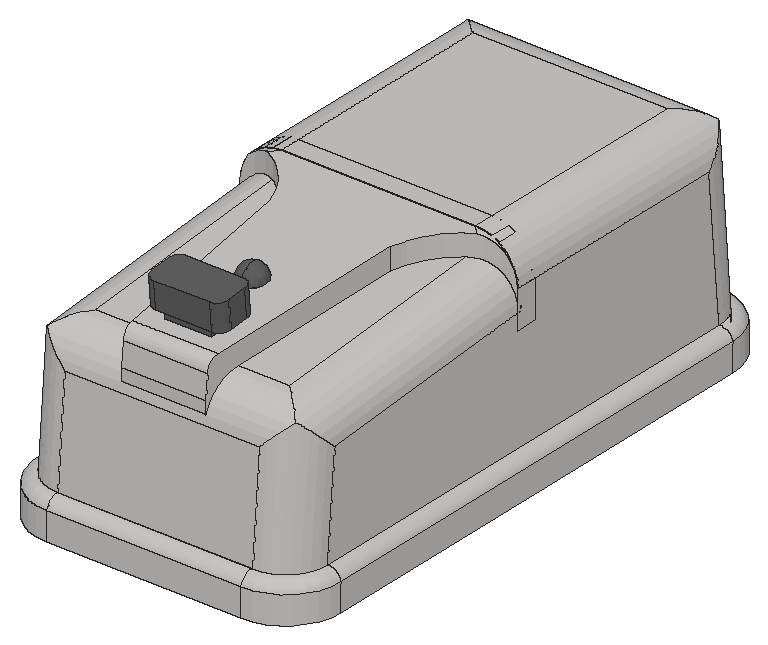
Revit family
Parameters
  offset [instance] = 0' - 0"
  Warranty Duration (Years) = 0
  Unit Width = 0' - 5 1/2"
  Unit Height = 0' - 10 13/16"
  Unit Depth = 0' - 4"
  URL = "http://www.americanspecialties.com/viewCategories.cfm"
  Specification = "http://www.arcat.com/sdspecs/htm/10810asi.htm"
  SpecWizard = ""
  Send Message = "http://www.arcat.com/users.pl?action=UserEmail&company=American%20Specialties,%20Inc.&coid=30448&rep=139&fax=914-476-0688&mf="
  Sales Information = "http://www.americanspecialties.com/contact"
  Revision = "R1_8-2011"
  Product Properties = "http://www.americanspecialties.com/datasheets/20363.pdf"
  Product Data = "http://www.arcat.com/arcatcos/cos30/arc30448.html"
  Model = "20363"
  Manufacturer Website = "http://www.americanspecialties.com/viewCategories.cfm"
  Manufacturer Phone - Toll Free = ""
  Manufacturer Phone = "914-476-9000 "
  Manufacturer Fax = "914-476-0688"
  Manufacturer Address = "441 Saw Mill River Rd., Yonkers, NY 10701"
  Manufacturer = "American Specialties, Inc."
  Maintenance Schedule (Months) = 0
  Keynote = "10 28 13"
  Installation-Fabrication = "http://www.americanspecialties.com/products.cfm"
  Installation Phase = ""
  Green Building-LEED = "http://www.arcat.com/green/clients/leed_data_30448.html"
  Expected Lifespan (Years) = 0
  Drawn By = "Sumex Design, Inc. / Robert S. Weygant, CSI, CDT, SCIP"
  Description = "ASI 20363 Roval Collection Soap Dispenser"
  Default Elevation = 4' - 0"
  Copyright = "©Arcat Inc."
  Construction Details = "http://www.americanspecialties.com/products.cfm"
  Body Material = Metal - Satin Stainless Steel
  Assembly Code = "C1030210"
  Accent Material = Plastic - Black
Reference planes (in)
  plane 1 "Center (Front/Back)": y = 0
  plane 2 "Mount Surface": z = 0
  plane 3 "Center (Left/Right)": x = 0
  plane 4 "Bottom Edge": y = -5.40625
  plane 5 "Shelf Surface": y = 5.40625
  plane 6 "Left": x = -2.75
  plane 7 "Right": x = 2.75
  plane 8 "Front": z = 4
  plane 9 "5 degree": through (0, -5.40625, 4) normal (0, -0.9962, -0.0872)
Forms (in)
  Extrusion 1, solid, material "Metal - Satin Stainless Steel" <- "Body Material"
    sketch origin (0, 0, 0) x (1, 0, 0) y (0, 1, 0)
      loop
        arc (-1.75, 5.40625) -> (-2.45711, 5.11336) -> (-2.75, 4.40625) r 1
        line (-2.75, 4.40625) -> (-2.75, -4.40625)
        arc (-2.75, -4.40625) -> (-2.45711, -5.11336) -> (-1.75, -5.40625) r 1
        line (-1.75, -5.40625) -> (1.75, -5.40625)
        arc (1.75, -5.40625) -> (2.45711, -5.11336) -> (2.75, -4.40625) r 1
        line (2.75, -4.40625) -> (2.75, 4.40625)
        arc (2.75, 4.40625) -> (2.45711, 5.11336) -> (1.75, 5.40625) r 1
        line (1.75, 5.40625) -> (-1.75, 5.40625)
    from 0 to 0.5
  Sweep 2, solid, material "Metal - Satin Stainless Steel" <- "Body Material"
    path in 3D
      loop
        arc (-1.75, 5.40625, 0.5) -> (-2.45711, 5.11336, 0.5) -> (-2.75, 4.40625, 0.5) r 1
        line (-2.75, 4.40625, 0.5) -> (-2.75, -4.40625, 0.5)
        arc (-2.75, -4.40625, 0.5) -> (-2.45711, -5.11336, 0.5) -> (-1.75, -5.40625, 0.5) r 1
        line (-1.75, -5.40625, 0.5) -> (1.75, -5.40625, 0.5)
        arc (1.75, -5.40625, 0.5) -> (2.45711, -5.11336, 0.5) -> (2.75, -4.40625, 0.5) r 1
        line (2.75, -4.40625, 0.5) -> (2.75, 4.40625, 0.5)
        arc (2.75, 4.40625, 0.5) -> (2.45711, 5.11336, 0.5) -> (1.75, 5.40625, 0.5) r 1
        line (1.75, 5.40625, 0.5) -> (-1.75, 5.40625, 0.5)
    profile origin (0, 5.40625, 0.5) x (0, -1, 0) y (0, 0, 1)
      loop
        arc (0.25, 0.1875) -> (0.09375, 0.13542) -> (0, 0) r 0.26042
        line (0, 0) -> (0.25, 0) -> (0.25, 0.1875)
  Extrusion 3, solid, material "Metal - Satin Stainless Steel" <- "Body Material"
    sketch origin (0, 0, 0) x (1, 0, 0) y (0, 0, 1)
      loop
        line (-2.5, 0.5) -> (2.5, 0.5) -> (2.5, 4) -> (-2.5, 4) -> (-2.5, 0.5)
    from -5.15625 to 5.40625
  Extrusion 4, void
    sketch origin (0, 0, 0) x (0, 1, 0) y (0, 0, 1)
      loop
        line (-0.125, 4) -> (4.1792, 4)
        arc (4.1792, 4) -> (4.68589, 3.80296) -> (4.92634, 3.31537) r 0.75
        line (4.92634, 3.31537) -> (5.15625, 0.6875) -> (5.15625, -0.5625) -> (6.09375, -0.5625) -> (6.09375, 4.4375) -> (-6.15625, 4.4375) -> (-6.15625, -0.5625) -> (-5.15625, -0.5625) -> (-5.15625, 0.6875) -> (-4.99093, 2.57716)
        arc (-4.99093, 2.57716) -> (-4.77411, 3.04212) -> (-4.30915, 3.25893) r 0.75
        line (-4.30915, 3.25893) -> (-0.125, 3.625) -> (-0.125, 4)
    from -2.75 to 2.75
  Extrusion 5, solid, material "Metal - Satin Stainless Steel" <- "Body Material"
    sketch origin (0, 0, 0) x (0, 1, 0) y (0, 0, 1)
      loop
        line (-0.125, 4) -> (-4.69404, 3.60026)
        arc (-4.69404, 3.60026) -> (-4.84903, 3.52799) -> (-4.9213, 3.373) r 0.25
        line (-4.9213, 3.373) -> (-4.99093, 2.5771) -> (0.25804, 2.5771) -> (0.25804, 4) -> (-0.125, 4)
    from -2.75 to 2.75
  Extrusion 6, void
    sketch origin (0, -5.03934, -0.19375) x (0, 0.087156, -0.996195) y (1, 0, 0)
      loop
        line (-3.37591, -2.5) -> (-2.62591, -2.5)
        arc (-2.62591, -2.5) -> (-3.15624, -2.28033) -> (-3.37591, -1.75) r 0.75
        line (-3.37591, -1.75) -> (-3.37591, -2.5)
      loop
        line (-3.37591, 2.5) -> (-3.37591, 1.75)
        arc (-3.37591, 1.75) -> (-3.15624, 2.28033) -> (-2.62591, 2.5) r 0.75
        line (-2.62591, 2.5) -> (-3.37591, 2.5)
    from -5.22672 to 12
  Extrusion 7, void
    sketch origin (0, 0, 0) x (1, 0, 0) y (0, 1, 0)
      loop
        line (-0.75, -4.95787) -> (-1.07683, -1.22214)
        arc (-1.07683, -1.22214) -> (-1.6043, -0.43474) -> (-2.5, -0.125) r 1.4893
        line (-2.5, -0.125) -> (-2.5, 0.25804) -> (-3.57661, 0.25804) -> (-3.57661, -5.40625) -> (3.14756, -5.40625) -> (3.14756, 0.25804) -> (2.5, 0.25804) -> (2.5, -0.125)
        arc (2.5, -0.125) -> (1.6043, -0.43474) -> (1.07683, -1.22214) r 1.4893
        line (1.07683, -1.22214) -> (0.75, -4.95787) -> (-0.75, -4.95787)
    from 0 to 12
  Extrusion 8, void
    sketch origin (0, 0, 0) x (1, 0, 0) y (0, 0, 1)
      loop
        line (-1.75, 4) -> (-1.75, 4.18444) -> (-2.63503, 4.18444) -> (-2.63503, 3.25) -> (-2.5, 3.25)
        arc (-2.5, 3.25) -> (-2.28033, 3.78033) -> (-1.75, 4) r 0.75
    from -24 to 24
  Extrusion 9, void
    sketch origin (0, 0.07646, -0.41162) x (1, 0, 0) y (0, 0.996195, 0.087156)
      loop
        arc (-2.5, 4.40625) -> (-2.28033, 4.93658) -> (-1.75, 5.15625) r 0.75
        line (-1.75, 5.15625) -> (-1.75, 5.58164) -> (-2.94881, 5.58164) -> (-2.94881, 4.40625) -> (-2.5, 4.40625)
      loop
        line (2.5, 4.40625) -> (2.85418, 4.40625) -> (2.85418, 5.58164) -> (1.75, 5.58164) -> (1.75, 5.15625)
        arc (1.75, 5.15625) -> (2.28033, 4.93658) -> (2.5, 4.40625) r 0.75
    from -24 to 24
  Extrusion 10, void
    sketch origin (0, -0.07836, -0.43332) x (1, 0, 0) y (0, 0.996195, -0.087156)
      loop
        line (-2.5, -4.40625) -> (-3, -4.40625) -> (-3, -5.65625) -> (-1.75, -5.65625) -> (-1.75, -5.15625)
        arc (-1.75, -5.15625) -> (-2.28033, -4.93658) -> (-2.5, -4.40625) r 0.75
      loop
        arc (2.5, -4.40625) -> (2.28033, -4.93658) -> (1.75, -5.15625) r 0.75
        line (1.75, -5.15625) -> (1.75, -5.65625) -> (3, -5.65625) -> (3, -4.40625) -> (2.5, -4.40625)
    from -24 to 24
  Extrusion 11, void
    sketch origin (0, 0, 0) x (1, 0, 0) y (0, 0, 1)
      loop
        arc (-2.5, 3.25) -> (-2.28033, 3.78033) -> (-1.75, 4) r 0.75
        line (-1.75, 4) -> (-1.75, 4.28893) -> (-2.88411, 4.28893) -> (-2.88411, 3.25) -> (-2.5, 3.25)
      loop
        line (2.5, 3.25) -> (2.88411, 3.25) -> (2.88411, 4.28893) -> (1.75, 4.28893) -> (1.75, 4)
        arc (1.75, 4) -> (2.28033, 3.78033) -> (2.5, 3.25) r 0.75
    from -24 to 24
  Extrusion 12, solid, material "Plastic - Black" <- "Accent Material"
    sketch origin (0, 0.7162, 0.34982) x (1, 0, 0) y (0, 0.996195, 0.087156)
      loop
        line (-0.68841, -4.3464) -> (-0.68841, -4.72188)
        arc (-0.68841, -4.72188) -> (-0.63363, -4.85413) -> (-0.50139, -4.9089) r 0.18702
        line (-0.50139, -4.9089) -> (0.50301, -4.9089)
        arc (0.50301, -4.9089) -> (0.63496, -4.85424) -> (0.68962, -4.72229) r 0.18661
        line (0.68962, -4.72229) -> (0.68962, -4.3464)
        arc (0.68962, -4.3464) -> (0.6347, -4.21382) -> (0.50212, -4.1589) r 0.1875
        line (0.50212, -4.1589) -> (-0.50091, -4.1589)
        arc (-0.50091, -4.1589) -> (-0.63349, -4.21382) -> (-0.68841, -4.3464) r 0.1875
    from 3.87312 to 4.375
  Extrusion 13, solid, material "Plastic - Black" <- "Accent Material"
    sketch origin (0, 0, 0) x (0, 1, 0) y (0, 0, 1)
      loop
        line (-4.41844, 3.78852) -> (-4.40419, 3.62562) -> (-3.84359, 3.67467) -> (-3.85784, 3.83756) -> (-4.41844, 3.78852)
    from -0.4208 to 0.41528
  Revolve 14, solid, material "Plastic - Black" <- "Accent Material"
    sketch origin (0, 0, 0) x (0, 1, 0) y (0, 0, 1)
      loop
        line (-2.95809, 3.75214) -> (-2.9852, 4.06202)
        arc (-2.9852, 4.06202) -> (-3.15797, 3.9675) -> (-3.21292, 3.77839) r 0.25667
        line (-3.21292, 3.77839) -> (-3.15945, 3.78307) -> (-3.15524, 3.73489) -> (-2.95809, 3.75214)
      axis (-2.95809, 3.75214) -> (-2.9852, 4.06202)
    angle from 0 to 360
Cuts and joins
  Extrusion 7, Extrusion 8, Extrusion 9, Extrusion 10, Extrusion 11 cuts Extrusion 5
  Extrusion 4, Extrusion 6, Extrusion 9, Extrusion 10, Extrusion 11 cuts Extrusion 3
Lines and regions (in)
  sketch lines
    curve 1: line (1.75, 5.40625, 0.5) -> (-1.75, 5.40625, 0.5)
    curve 2: arc (-2.75, 4.40625, 0.5) -> (-2.45711, 5.11336, 0.5) -> (-1.75, 5.40625, 0.5) r 1
    curve 3: arc (1.75, 5.40625, 0.5) -> (2.45711, 5.11336, 0.5) -> (2.75, 4.40625, 0.5) r 1
    curve 4: line (2.75, -4.40625, 0.5) -> (2.75, 4.40625, 0.5)
    curve 5: line (-2.75, 4.40625, 0.5) -> (-2.75, -4.40625, 0.5)
    curve 6: arc (-1.75, -5.40625, 0.5) -> (-2.45711, -5.11336, 0.5) -> (-2.75, -4.40625, 0.5) r 1
    curve 7: line (-1.75, -5.40625, 0.5) -> (1.75, -5.40625, 0.5)
    curve 8: arc (2.75, -4.40625, 0.5) -> (2.45711, -5.11336, 0.5) -> (1.75, -5.40625, 0.5) r 1
Dimensions and locks (in)
  "Unit Width": plane 6 "Left" to plane 7 "Right"
  equal spacing: plane 6 "Left", plane 3 "Center (Left/Right)", plane 7 "Right"
  plane 5 "Shelf Surface" to plane 4 "Bottom Edge" = 0' - 10 13/16"
  equal spacing: plane 5 "Shelf Surface", plane 1 "Center (Front/Back)", plane 4 "Bottom Edge"
  "Unit Depth": plane 8 "Front" to level
  locked: Sweep 2 sketch curve to plane 5 "Shelf Surface" at 0.25
  aligned and locked: Extrusion 1 sketch curve to plane 5 "Shelf Surface"
  aligned and locked: Extrusion 1 sketch curve to plane 7 "Right"
  aligned and locked: profile plane to Sweep 2 sketch curve
  aligned and locked: plane 8 "Front" to Extrusion 3 sketch curve
  aligned and locked: Extrusion 4 to plane 6 "Left"
  aligned and locked: plane 7 "Right" to Extrusion 4
  aligned and locked: Extrusion 5 to plane 6 "Left"
  aligned and locked: plane 7 "Right" to Extrusion 5
Automatic sketch dimensions
  Extrusion 1 sketch curve to plane 6 "Left" = 0' - 0"
  Extrusion 1 sketch curve to plane 4 "Bottom Edge" = 0' - 0"
  plane 6 "Left" to Extrusion 1 sketch curve = 0' - 1"  (x2)
  Extrusion 1 sketch curve to plane 7 "Right" = 0' - 1"
  Extrusion 1 sketch curve to plane 5 "Shelf Surface" = 0' - 1"
  Sweep 2 sketch curve to profile plane = 0' - 0"
  Sweep 2 sketch curve to profile plane = 0' - 0.07292"
  plane 6 "Left" to Extrusion 3 sketch curve = 0' - 0 1/4"
  Extrusion 3 sketch curve to plane 7 "Right" = 0' - 0 1/4"
  level to Extrusion 3 sketch curve = 0' - 0 1/2"
  Extrusion 4 sketch curve to plane 8 "Front" = 0' - 0"
  Extrusion 4 sketch curve to plane 4 "Bottom Edge" = 0' - 0 3/4"
  plane 4 "Bottom Edge" to Extrusion 4 sketch curve = 0' - 0 1/4"
  plane 4 "Bottom Edge" to Extrusion 4 sketch curve = 0' - 0.41532"
  Extrusion 4 sketch curve to Extrusion 4 sketch curve = 0' - 0.68178"  (x2)
  Extrusion 4 sketch curve to Extrusion 4 sketch curve = 0' - 0.06537"
  plane 1 "Center (Front/Back)" to Extrusion 4 sketch curve = 0' - 0 1/8"
  Extrusion 4 sketch curve to plane 5 "Shelf Surface" = 0' - 1.22705"
  Extrusion 4 sketch curve to plane 5 "Shelf Surface" = 0' - 0.47991"
  Extrusion 4 sketch curve to plane 5 "Shelf Surface" = 0' - 0 1/4"
  plane 5 "Shelf Surface" to Extrusion 4 sketch curve = 0' - 0 11/16"
  Extrusion 4 sketch curve to plane 8 "Front" = 0' - 0 3/8"
  Extrusion 4 sketch curve to plane 8 "Front" = 0' - 0.68463"
  Extrusion 4 sketch curve to plane 8 "Front" = 0' - 0.74107"
  level to Extrusion 4 sketch curve = 0' - 0 11/16"  (x2)
  Extrusion 4 sketch curve to level = 0' - 0 9/16"  (x2)
  plane 8 "Front" to Extrusion 4 sketch curve = 0' - 0 7/16"
  Extrusion 5 sketch curve to plane 8 "Front" = 0' - 0"
  plane 4 "Bottom Edge" to Extrusion 5 sketch curve = 0' - 0.41532"
  plane 4 "Bottom Edge" to Extrusion 5 sketch curve = 0' - 0.48495"
  Extrusion 5 sketch curve to plane 8 "Front" = 0' - 0.39974"
  Extrusion 5 sketch curve to Extrusion 5 sketch curve = 0' - 0.22726"  (x2)
  Extrusion 5 sketch curve to Extrusion 5 sketch curve = 0' - 0.02179"
  plane 1 "Center (Front/Back)" to Extrusion 5 sketch curve = 0' - 0 1/8"
  Extrusion 5 sketch curve to plane 1 "Center (Front/Back)" = 0' - 0.25804"
  Extrusion 5 sketch curve to plane 8 "Front" = 0' - 1.4229"
  plane 6 "Left" to Extrusion 6 sketch curve = 0' - 0 1/4"
  Extrusion 6 sketch curve to plane 7 "Right" = 0' - 0 1/4"
  Extrusion 6 sketch curve to Extrusion 6 sketch curve = 0' - 0"
  Extrusion 6 sketch curve to Extrusion 6 sketch curve = 0' - 0 3/4"  (x2)
  Extrusion 7 sketch curve to plane 4 "Bottom Edge" = 0' - 0"
  Extrusion 7 sketch curve to plane 1 "Center (Front/Back)" = 0' - 0.25804"  (x2)
  Extrusion 7 sketch curve to plane 6 "Left" = 0' - 0.82661"
  plane 6 "Left" to Extrusion 7 sketch curve = 0' - 0.23641"
  plane 6 "Left" to Extrusion 7 sketch curve = 0' - 0 1/4"
  Extrusion 7 sketch curve to plane 3 "Center (Left/Right)" = 0' - 1.07683"
  Extrusion 7 sketch curve to plane 3 "Center (Left/Right)" = 0' - 0 3/4"
  plane 3 "Center (Left/Right)" to Extrusion 7 sketch curve = 0' - 0 3/4"
  plane 3 "Center (Left/Right)" to Extrusion 7 sketch curve = 0' - 1.07683"
  Extrusion 7 sketch curve to plane 7 "Right" = 0' - 0 1/4"
  Extrusion 7 sketch curve to plane 7 "Right" = 0' - 0.23641"
  plane 7 "Right" to Extrusion 7 sketch curve = 0' - 0.39756"
  plane 4 "Bottom Edge" to Extrusion 7 sketch curve = 0' - 0.44838"
  plane 1 "Center (Front/Back)" to Extrusion 7 sketch curve = 0' - 1.61424"  (x2)
  plane 1 "Center (Front/Back)" to Extrusion 7 sketch curve = 0' - 1.22214"  (x2)
  Extrusion 8 sketch curve to plane 8 "Front" = 0' - 0"
  plane 6 "Left" to Extrusion 8 sketch curve = 0' - 0.11497"
  Extrusion 8 sketch curve to Extrusion 8 sketch curve = 0' - 0.13503"
  Extrusion 8 sketch curve to Extrusion 8 sketch curve = 0' - 0.88503"
  plane 8 "Front" to Extrusion 8 sketch curve = 0' - 0.18444"
  Extrusion 9 sketch curve to plane 6 "Left" = 0' - 0.19881"
  plane 6 "Left" to Extrusion 9 sketch curve = 0' - 0 1/4"
  plane 6 "Left" to Extrusion 9 sketch curve = 0' - 1"
  Extrusion 9 sketch curve to plane 7 "Right" = 0' - 1"
  Extrusion 9 sketch curve to plane 7 "Right" = 0' - 0 1/4"
  plane 7 "Right" to Extrusion 9 sketch curve = 0' - 0.10418"
  Extrusion 9 sketch curve to plane 9 "5 degree" = 0' - 9.4836"
  Extrusion 9 sketch curve to Extrusion 9 sketch curve = 0' - 0"
  Extrusion 9 sketch curve to Extrusion 9 sketch curve = 0' - 1.17539"
  Extrusion 9 sketch curve to Extrusion 9 sketch curve = 0' - 0.42539"
  Extrusion 10 sketch curve to plane 6 "Left" = 0' - 0 1/4"
  plane 6 "Left" to Extrusion 10 sketch curve = 0' - 0 1/4"
  plane 6 "Left" to Extrusion 10 sketch curve = 0' - 1"
  Extrusion 10 sketch curve to plane 7 "Right" = 0' - 1"
  Extrusion 10 sketch curve to plane 7 "Right" = 0' - 0 1/4"
  plane 7 "Right" to Extrusion 10 sketch curve = 0' - 0 1/4"
  Extrusion 10 sketch curve to Extrusion 10 sketch curve = 0' - 0"
  Extrusion 10 sketch curve to Extrusion 10 sketch curve = 0' - 0 1/2"  (x2)
  Extrusion 11 sketch curve to plane 8 "Front" = 0' - 0"  (x2)
  Extrusion 11 sketch curve to plane 6 "Left" = 0' - 0.13411"
  plane 6 "Left" to Extrusion 11 sketch curve = 0' - 0 1/4"
  plane 6 "Left" to Extrusion 11 sketch curve = 0' - 1"
  plane 8 "Front" to Extrusion 11 sketch curve = 0' - 0.28893"  (x2)
  Extrusion 11 sketch curve to plane 7 "Right" = 0' - 1"
  Extrusion 11 sketch curve to plane 7 "Right" = 0' - 0 1/4"
  plane 7 "Right" to Extrusion 11 sketch curve = 0' - 0.13411"
  Extrusion 12 sketch curve to plane 3 "Center (Left/Right)" = 0' - 0.68841"
  Extrusion 12 sketch curve to Extrusion 12 sketch curve = 0' - 0 3/16"  (x2)
  Extrusion 12 sketch curve to Extrusion 12 sketch curve = 0' - 0.37548"
  Extrusion 12 sketch curve to Extrusion 12 sketch curve = 0' - 0.18702"
  plane 3 "Center (Left/Right)" to Extrusion 12 sketch curve = 0' - 0.50301"
  Extrusion 12 sketch curve to Extrusion 12 sketch curve = 0' - 0.18661"
  Extrusion 12 sketch curve to plane 9 "5 degree" = 0' - 0.87211"
  Extrusion 13 sketch curve to plane 8 "Front" = 0' - 0.21148"
  plane 4 "Bottom Edge" to Extrusion 13 sketch curve = 0' - 0.98781"
  Extrusion 13 sketch curve to plane 8 "Front" = 0' - 0.37438"
  Extrusion 13 sketch curve to Extrusion 13 sketch curve = 0' - 0.01425"
  Extrusion 13 sketch curve to plane 8 "Front" = 0' - 0.16244"
  plane 4 "Bottom Edge" to Revolve 14 sketch curve = 0' - 2.19333"
  Revolve 14 sketch curve to plane 8 "Front" = 0' - 0.22161"
  Revolve 14 sketch curve to plane 8 "Front" = 0' - 0.21693"
  Revolve 14 sketch curve to Revolve 14 sketch curve = 0' - 0.05347"
  Revolve 14 sketch curve to plane 8 "Front" = 0' - 0.26511"
  plane 8 "Front" to Revolve 14 sketch curve = 0' - 0.33338"
  Revolve 14 sketch curve to Revolve 14 sketch curve = 0' - 0.15051"
  plane 8 "Front" to Revolve 14 sketch curve = 0' - 0.06202"
  Revolve 14 sketch curve to Revolve 14 sketch curve = 0' - 0.02374"
  Revolve 14 sketch curve to plane 8 "Front" = 0' - 0.24786"
  Revolve 14 sketch curve to Revolve 14 sketch curve = 0' - 0"
  Revolve 14 sketch curve to Revolve 14 sketch curve = 0' - 0.00026"
